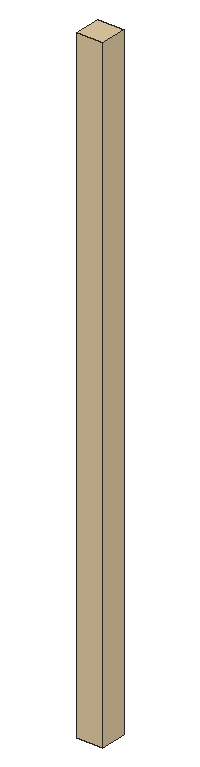
Revit family "HoldDownPost", category Structural Columns, Revit 2019
Family settings
  Section Shape = Not Defined
  Material for Model Behavior = Wood
  Always export as geometry = No
  Beam cutback in plan = From bounding box
  OmniClass Number = 23.25.30.11.14.11
  OmniClass Title = Columns
  Cut with Voids When Loaded = No
  Symbolic Representation = From Project Settings
  Shared = No
  Show family pre-cut in plan views = Yes
Parameters (values of type "6x6")
  Structural Material [instance] = Softwood, Lumber
  A = 30.24 in²
  Assembly Code = "B10"
  b = 0' - 5 1/2"
  d = 0' - 5 1/2"
Reference planes (in)
  plane 1 "Center (Front/Back)": y = 0
  plane 2: z = 0
  plane 3 "Center (Left/Right)": x = 0
  plane 4: x = -2.75
  plane 5: x = 2.75
  plane 6: y = 2.75
  plane 7: y = -2.75
Forms (in)
  Extrusion 1, solid, material "Softwood, Lumber" <- "Structural Material", detail levels medium+fine
    sketch origin (0, 0, 0) x (1, 0, 0) y (0, 1, 0)
      loop
        line (-2.25, 2.25) -> (-2.25, -2.25) -> (2.25, -2.25) -> (2.25, 2.25) -> (-2.25, 2.25)
    from 0 to 108
Lines and regions (in)
  symbolic lines, style "StructuralColumnStickSymbols", detail levels coarse
    curve 1: line (-2.75, 2.75, 0) -> (2.75, 2.75, 0)
    curve 2: line (-2.75, -2.75, 0) -> (2.75, -2.75, 0)
    curve 3: line (-2.75, 2.75, 0) -> (-2.75, -2.75, 0)
    curve 4: line (2.75, 2.75, 0) -> (2.75, -2.75, 0)
Dimensions and locks (in)
  equal spacing: plane 4, plane 3 "Center (Left/Right)", plane 5
  equal spacing: plane 7, plane 1 "Center (Front/Back)", plane 6
  "d": plane 7 to plane 6
  "b": plane 4 to plane 5
  aligned and locked: level to Extrusion 1
  aligned and locked: level to plane 2
  aligned and locked: Extrusion 1 to plane 2
Automatic sketch dimensions
  curve 3 to plane 4 = 0' - 0"
  curve 4 to plane 5 = 0' - 0"
  curve 3 to plane 7 = 0' - 0"
  curve 3 to plane 6 = 0' - 0"
  Extrusion 1 sketch curve to plane 4 = 0' - 0 1/2"
  plane 5 to Extrusion 1 sketch curve = 0' - 0 1/2"
  plane 6 to Extrusion 1 sketch curve = 0' - 0 1/2"
  Extrusion 1 sketch curve to plane 7 = 0' - 0 1/2"
